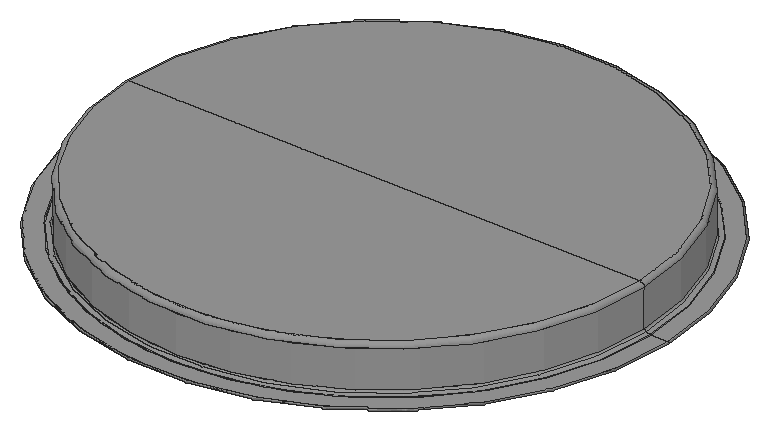
Revit family "MIA13_63_UN_Downlighter_ETK", category Lighting Fixtures, Revit 2017 (continued)
Definition of nested family "MIA.13 - Lightsource"
  Types (8, lengths in mm): name | Wattage | built-in parameter 1150134 | Photometric Web File | built-in parameter 1150142 | built-in parameter 1150105 | Lumens | built-in parameter 1150107 | built-in parameter 1150106
    MIA.1313.25/35 - Ø240 / 18W / 1800lm / 3000K | 12.1178 W | (empty or 0) | "MIA.1313.25_LDT.ies" | "IESNA91\r\n[MANUFAC]  www.etk.nl\r\n[LUMCAT] MIA.1313.25\r\n[LUMINAIRE] MIA.1 LED 18W 3000K ø240 1800Lm alu  Dimbaar DALI\r\n[LAMP] LED\r\n[CHANGED] this file converted to 'ies' from 'ldt' by IES Viewer v2.99n    (C) Andrey Legotin\r\nTILT=NONE\r\n1 1800 1.8 101 36 1 2 0 -0.22 0\r\n1 1 18\r\n0 0.9 1.8 2.7 3.6 4.5 5.4 6.3 7.2 8.1 9 9.9 10.8 11.7 12.6 \r\n13.5 14.4 15.3 16.2 17.1 18 18.9 19.8 20.7 21.6 22.5 23.4 \r\n24.3 25.2 26.1 27 27.9 28.8 29.7 30.6 31.5 32.4 33.3 34.2 \r\n35.1 36 36.9 37.8 38.7 39.6 40.5 41.4 42.3 43.2 44.1 45 \r\n45.9 46.8 47.7 48.6 49.5 50.4 51.3 52.2 53.1 54 54.9 55.8 \r\n56.7 57.6 58.5 59.4 60.3 61.2 62.1 63 63.9 64.8 65.7 66.6 \r\n67.5 68.4 69.3 70.2 71.1 72 72.9 73.8 74.7 75.6 76.5 77.4 \r\n78.3 79.2 80.1 81 81.9 82.8 83.7 84.6 85.5 86.4 87.3 88.2 \r\n89.1 90 \r\n0 10 20 30 40 50 60 70 80 90 100 110 120 130 140 150 160 \r\n170 180 190 200 210 220 230 240 250 260 270 280 290 300 310 \r\n320 330 340 350 \r\n345.652 343.7612 343.769 344.0738 344.5113 345.0035 \r\n345.0035 344.3316 343.4409 342.183 340.386 338.5968 336.956 \r\n335.3543 334.073 333.2682 332.7135 331.8306 330.2992 \r\n328.7132 326.7287 324.3535 321.9236 318.9312 315.7669 \r\n313.087 311.0712 309.3835 307.6178 305.6333 303.6565 \r\n300.7813 297.492 294.0386 290.1711 286.1239 282.4674 \r\n279.4203 276.5997 273.7636 270.8884 268.0131 264.4113 \r\n260.5594 256.4575 251.8869 247.0271 242.3939 238.2295 \r\n234.1667 230.268 226.6427 223.0252 218.9312 214.6808 \r\n210.3133 205.7661 201.0938 196.2419 190.7571 185.2723 \r\n180.2953 175.7325 171.2243 166.8802 162.6143 158.0123 \r\n152.7932 147.2146 141.5501 135.5497 129.5414 123.8222 \r\n118.2436 112.8369 107.9069 103.3049 98.4374 92.976 87.2803 \r\n81.5689 75.8184 70.0602 64.841 59.8719 54.8949 49.7461 \r\n44.4566 39.1906 34.0417 28.9085 23.7675 18.6343 13.5011 \r\n9.7117 6.6568 3.6487 0.6407 0 0 0 \r\n345.652 344.4644 343.394 342.808 342.9018 343.269 343.4331 \r\n343.3315 343.0815 342.3236 341.0266 339.7062 337.4951 \r\n335.1746 333.2526 331.7837 330.5414 329.4867 328.7444 \r\n327.9084 326.3458 324.2675 322.0486 319.1343 316.0169 \r\n312.9541 309.9461 307.0552 304.6097 303.0002 301.3907 \r\n298.914 296.1872 293.2338 289.8195 286.1942 283.0143 \r\n280.4516 278.0373 275.6231 273.2088 268.3178 263.1299 \r\n258.4343 254.5199 250.9259 247.0193 242.6205 238.0342 \r\n233.4479 228.9007 224.3535 220.025 215.8919 211.7978 \r\n207.5475 203.1956 198.8046 194.3355 189.8039 185.1473 \r\n179.5453 173.9511 168.6225 163.4893 158.4499 153.5198 \r\n148.6991 143.8862 139.0812 134.2839 129.1898 123.369 \r\n117.4623 111.6259 105.852 100.2266 95.0152 90.2492 85.4051 \r\n79.9437 74.373 68.8413 63.3487 57.8717 52.8244 48.1366 \r\n43.3628 38.2999 32.9479 27.5959 22.4627 17.3217 12.8916 \r\n9.1413 5.7583 3.7034 3.1721 2.6486 2.1252 1.5939 \r\n345.652 345.8395 345.9723 345.9958 345.2692 344.191 \r\n342.9409 341.4173 339.8 338.5264 338.3077 338.0967 337.6201 \r\n337.0341 336.2372 334.8621 333.0963 331.0727 328.4632 \r\n325.7051 323.2206 321.361 319.5093 317.9702 316.5638 \r\n314.9699 312.9073 310.493 307.9381 304.8676 301.7423 \r\n298.328 294.6246 290.8821 288.1084 285.8348 283.4675 \r\n280.9048 278.178 275.2559 271.2009 267.1537 262.7549 \r\n258.0983 253.4651 249.371 245.6754 242.0658 238.6749 235.37 \r\n231.8775 227.4865 223.0877 218.3139 213.3135 208.3288 \r\n203.5784 199.0624 194.5777 190.1867 185.8192 181.2954 \r\n176.4825 171.6384 166.3646 160.8094 155.3246 150.1133 \r\n145.1598 140.175 134.8777 129.557 124.2519 118.9702 \r\n113.6886 108.5554 103.5472 98.3671 92.7651 86.8193 80.9126 \r\n75.6465 70.3805 65.3645 60.5907 55.8403 50.793 45.4332 \r\n40.0891 34.823 29.5961 24.4316 19.525 14.6418 10.5946 \r\n7.2193 4.0706 0.9141 0 0 0 \r\n345.652 344.4488 344.6754 345.0738 344.9957 344.48 343.6909 \r\n342.4408 340.5422 338.7061 337.417 336.3622 335.4793 \r\n335.0496 334.7449 333.8855 332.4713 330.7915 328.6663 \r\n325.9395 323.2049 320.7751 318.3842 316.306 314.6886 \r\n313.2667 311.454 309.1413 306.6802 303.7737 300.3985 \r\n297.0232 293.5151 289.9914 286.7724 283.9362 281.2642 \r\n278.4514 275.42 272.3494 269.0523 265.5911 261.9502 \r\n257.3639 252.5041 248.0428 244.0503 240.2922 236.7138 \r\n233.4948 230.268 226.088 221.6111 216.8998 211.6962 \r\n206.2817 201.2735 196.8435 192.5463 188.2491 183.9519 \r\n179.6468 174.7246 169.6383 164.38 158.8562 153.1995 147.785 \r\n142.8783 137.9952 133.0885 128.135 123.1815 117.9389 \r\n112.6182 107.3521 102.172 97.0154 91.6712 85.8348 80.0063 \r\n74.5293 69.2476 64.0128 58.8874 53.8089 48.8866 44.1831 \r\n39.55 34.7136 29.3617 24.0097 19.1343 14.4621 10.3211 \r\n7.4068 5.266 3.6722 3.219 3.0002 2.7893 \r\n345.652 343.8941 342.7377 342.0111 341.9564 342.1674 \r\n342.3236 342.3939 342.3392 341.7689 340.5344 339.2921 \r\n337.1357 334.823 332.8385 331.2915 329.9789 328.8069 \r\n327.9084 326.963 325.6114 323.9081 322.072 319.1577 \r\n315.9387 312.8526 309.9305 307.1412 304.7269 303.1487 \r\n301.5704 299.0937 296.2731 293.2651 289.8039 286.1317 \r\n282.4674 278.7874 275.1543 271.7712 268.8726 265.9739 \r\n262.5908 259.0593 255.2856 251.0821 246.6286 242.2142 \r\n237.878 233.5573 229.3617 225.3379 221.3142 217.3217 \r\n213.3292 209.2117 204.891 200.4219 195.7028 190.1633 \r\n184.6316 179.3734 174.3027 169.3648 165.1457 161.2782 \r\n157.0045 152.0431 146.7146 141.3079 135.6747 130.0492 \r\n124.4082 118.7749 113.3292 108.485 104.0472 99.3437 94.0542 \r\n88.5772 83.1393 77.7873 72.4353 67.3178 62.333 57.3404 \r\n52.2853 47.1677 42.097 37.1904 32.2994 27.674 23.3378 \r\n19.0327 14.7746 10.5399 6.3052 2.0705 0 0 0 \r\n345.652 345.6051 344.4175 343.0893 342.0423 341.222 \r\n340.5813 340.2766 340.4016 340.4407 339.7922 338.9249 \r\n337.792 336.1356 334.3464 332.2447 329.8695 327.6037 \r\n325.8301 324.6504 323.4784 322.1345 320.7751 318.9468 \r\n316.5169 313.8605 310.7821 307.1959 303.7034 300.6329 \r\n297.9373 295.2965 293.2651 291.3196 288.8351 285.7958 \r\n282.4518 278.7483 274.4824 270.2711 266.4739 262.919 \r\n259.4031 256.0513 252.7385 249.2382 245.527 241.722 237.792 \r\n233.6433 229.4945 224.5097 219.3374 214.3839 209.907 \r\n205.6411 201.3126 196.906 192.4916 188.1006 183.7409 \r\n179.3734 173.9277 168.2788 162.7471 157.3795 152.0978 \r\n147.1677 142.9252 138.6358 133.8933 128.7288 123.5331 \r\n118.0717 112.5322 107.2115 102.172 97.242 92.2181 86.9599 \r\n81.7017 76.3966 71.0759 65.7864 60.5829 55.434 50.5586 \r\n46.1052 41.7689 37.2607 32.3697 27.4787 22.7518 18.0717 \r\n13.837 10.4618 7.61 5.3598 4.3597 3.555 2.7502 \r\n345.652 344.0894 344.4097 344.9098 344.7613 344.3003 \r\n343.5268 342.2455 340.6672 339.0968 337.5654 336.0263 \r\n335.2606 334.9168 334.5418 333.6667 332.4635 331.0102 \r\n329.0257 326.8302 324.5019 321.7751 319.0562 316.8216 \r\n314.8215 312.8916 311.0009 309.1492 307.0865 304.305 \r\n301.4142 298.3671 295.1168 291.8353 288.3897 284.8504 \r\n281.4829 278.4593 275.7169 272.9432 269.9117 266.8802 \r\n263.2471 259.1218 254.8402 250.3242 245.6208 241.1829 \r\n237.3935 233.987 230.518 226.713 222.908 218.7124 214.2433 \r\n209.5867 204.5082 199.0312 193.7183 188.9757 184.4285 \r\n179.9281 175.5293 171.1306 166.3333 161.2548 156.1919 \r\n151.3087 146.613 141.8001 136.0341 130.1274 124.5332 \r\n119.3453 114.2746 109.1804 104.0628 99.0155 94.1402 89.4289 \r\n84.7019 79.3499 73.998 68.7163 63.5128 58.3874 53.6683 \r\n49.4179 45.1051 40.5657 35.8778 31.1977 26.4943 21.7908 \r\n17.6264 13.9386 10.4149 6.8834 3.3596 0 0 \r\n345.652 344.6519 344.7613 345.0113 344.5504 343.6987 \r\n342.6127 341.0891 339.2453 337.5576 336.8466 336.1434 \r\n335.5731 335.1121 334.6043 333.487 331.9087 330.0805 \r\n327.674 324.9473 322.283 319.9625 317.642 315.7747 314.212 \r\n312.626 310.7118 308.485 306.0708 302.9924 299.7109 \r\n296.3669 292.8823 289.3898 286.2255 283.2721 280.3813 \r\n277.5217 274.6933 271.8181 268.5288 265.1926 261.3642 \r\n256.9419 252.3635 247.8866 243.4878 239.3234 235.7606 \r\n232.6901 229.5648 225.2051 220.8454 216.1184 211.0634 \r\n205.8911 200.9063 196.1638 191.4837 186.8818 182.3971 \r\n177.9123 173.1698 168.3882 163.6222 158.903 154.1917 \r\n149.1523 143.4643 137.7998 132.3619 127.1349 121.9314 \r\n116.9857 112.1025 107.2896 102.5783 97.8592 92.851 87.1865 \r\n81.522 76.0841 70.7321 65.7864 62.2158 59.2703 56.3247 \r\n52.5432 46.8943 40.6672 34.5261 29.8539 25.1895 21.0016 \r\n17.2435 13.6573 10.3211 7.2584 4.1956 1.1329 0 \r\n345.652 343.0268 342.2142 341.7845 341.9798 342.4799 \r\n342.683 342.4564 341.9877 341.2063 339.6672 338.128 \r\n336.0653 333.8151 331.8462 330.5883 329.7836 328.9241 \r\n327.9319 326.8693 325.4082 323.2049 321.0095 318.1264 \r\n315.0012 312.04 309.4304 307.0474 304.7504 302.7502 \r\n300.7579 298.3514 295.609 292.8041 289.6789 286.3974 \r\n282.8737 278.9124 274.7402 270.7712 267.6459 264.5207 \r\n261.2392 257.8717 254.4418 250.8243 247.0818 243.0737 \r\n238.4796 233.6823 229.0023 224.7676 220.5329 216.7122 \r\n213.1026 209.3054 204.9301 200.0781 195.1559 190.007 \r\n184.8191 179.7953 175.0059 170.2399 165.4582 160.661 \r\n155.8403 150.9493 146.0036 140.9798 135.2606 129.5414 \r\n124.2128 119.2359 114.3292 109.2507 104.0316 98.8437 \r\n93.7261 88.6397 83.444 77.4748 71.4978 65.5207 60.7938 \r\n56.7701 52.8244 48.8632 44.8863 40.886 36.8232 32.5572 \r\n28.2913 24.1191 19.9937 16.0091 12.376 9.0398 5.6958 2.3517 \r\n0 \r\n345.652 347.9803 348.6757 349.1679 349.1523 348.6835 \r\n347.9412 346.7224 344.8629 343.0971 342.058 341.261 \r\n340.5891 340.1985 339.8937 339.0968 337.8311 336.3466 \r\n334.4636 332.0806 329.6976 327.0802 324.4472 322.2596 \r\n320.7047 319.4 317.7045 315.4934 313.1963 310.6415 307.8287 \r\n304.9535 301.1407 297.2185 293.7573 290.8274 288.1475 \r\n285.5457 283.069 280.4985 277.1779 273.4042 269.4976 \r\n264.9895 260.3172 256.0747 252.3088 248.7304 245.1598 \r\n241.6361 238.1124 233.8776 229.4789 224.8848 219.9156 \r\n214.7824 209.8289 205.141 200.5313 196.0466 191.7494 \r\n187.4443 182.694 177.8498 173.0213 168.2085 163.4112 \r\n158.3014 152.5588 146.8474 141.4876 136.4872 131.5103 \r\n126.9396 122.4861 117.6811 112.415 106.899 101.336 95.6403 \r\n89.9523 84.6394 79.4906 74.4902 69.9664 65.6614 61.1532 \r\n56.3169 51.379 46.4724 41.6439 36.8154 32.7291 28.8773 \r\n25.0332 21.0954 17.1029 13.1182 9.1257 5.1332 1.1407 \r\n345.652 347.1756 346.3396 345.6598 345.5192 345.5817 \r\n345.6911 345.863 345.9411 345.6208 344.5582 343.4956 \r\n342.0111 340.2297 338.378 336.5185 334.6668 332.9323 \r\n331.565 330.5727 329.5882 328.01 326.4005 324.2988 321.6267 \r\n318.7358 315.6418 312.2978 309.1492 306.7271 304.9066 \r\n303.0237 300.6876 298.2889 295.4293 292.0931 288.5069 \r\n284.6238 280.2953 276.0528 272.4979 269.2788 266.0833 \r\n262.9346 259.8094 256.3013 252.3947 248.3553 244.2535 \r\n240.0422 235.8387 230.9555 225.9552 221.2204 216.9466 \r\n212.8604 208.8679 204.9848 201.0079 196.5544 191.5384 \r\n186.5146 180.9594 175.3262 169.8492 164.591 159.4578 \r\n154.6449 150.4414 146.1599 141.3392 136.0497 130.7133 \r\n125.0879 119.3843 113.9386 108.8366 103.8831 98.9062 93.898 \r\n88.8819 83.7253 78.5139 73.4354 68.7866 64.3332 59.6453 \r\n54.6136 49.5195 44.6207 40.1047 35.5887 31.1665 26.7755 \r\n22.5955 18.8296 15.3059 11.8369 8.4772 5.141 1.797 \r\n345.652 346.3005 347.2224 348.1053 348.285 348.1288 347.66 \r\n346.6521 345.3473 343.9409 342.1752 340.4094 339.5031 \r\n339.0343 338.6046 337.9639 337.1904 336.0809 334.2292 \r\n332.1197 329.7914 326.8849 323.9784 321.5876 319.439 \r\n317.4857 315.8762 314.5246 312.9073 310.3524 307.6568 \r\n304.516 300.836 297.0935 293.6323 290.3117 287.1709 \r\n284.3503 281.772 279.0843 275.7481 272.4041 268.8882 \r\n265.2395 261.4814 257.1451 252.3791 247.8162 243.73 \r\n239.8859 236.0341 232.0728 228.1116 224.1347 220.1422 \r\n215.97 211.2118 205.9067 200.6407 195.5387 190.4993 \r\n185.8192 181.8658 177.9983 173.4432 168.4507 163.3018 \r\n157.9577 152.4338 146.9646 141.933 136.956 131.9009 \r\n126.7521 121.5876 116.4622 111.3681 106.2114 100.8751 \r\n95.4059 89.9602 85.1004 80.2485 75.2715 70.2008 65.1223 \r\n60.1844 55.395 50.6836 46.2536 41.9798 37.6201 32.9323 \r\n28.1975 23.6581 19.2828 14.9465 10.618 6.2896 1.9533 0 \r\n345.652 345.4332 345.3004 345.1754 345.3785 345.8083 \r\n346.1599 346.0974 345.5817 344.941 343.3784 341.6126 \r\n339.7609 337.7608 335.7294 334.4714 333.9011 333.2839 \r\n332.3072 330.9868 329.6586 327.3381 325.002 322.408 \r\n319.5406 316.5872 313.962 311.7275 309.5164 307.4146 \r\n305.4067 303.3206 300.6954 297.9998 294.7183 290.8821 \r\n286.8583 282.9752 279.2953 275.67 272.5135 269.5757 \r\n266.5833 263.4346 260.2469 256.4966 252.1681 247.6365 \r\n242.9174 237.9405 232.9557 229.2914 225.8301 222.1892 \r\n218.1967 214.0714 209.5867 204.641 199.6718 194.7808 \r\n189.9836 185.1863 180.1703 175.1152 170.1617 165.3332 \r\n160.5594 155.6372 150.4493 145.277 140.2297 135.284 \r\n130.2524 124.7051 119.0093 113.5479 108.3522 103.3206 \r\n98.4686 93.9917 89.507 84.2253 78.6546 73.1151 67.724 \r\n62.4033 57.4264 52.9416 48.5507 44.0347 39.2687 34.5027 \r\n29.6429 24.7597 20.0797 15.7747 11.6728 8.2272 6.1099 \r\n4.1097 2.1017 \r\n345.652 347.8631 348.0272 347.9334 347.1365 345.9333 \r\n344.6754 343.4956 342.5424 341.9252 341.3079 341.011 \r\n340.8157 340.3703 339.2921 337.9327 336.2685 334.1667 \r\n331.9478 329.6117 327.0959 324.58 323.0643 321.7908 \r\n320.4157 318.814 317.0795 314.9387 311.9775 308.946 \r\n305.6645 302.0939 298.5311 295.6793 293.0541 290.4446 \r\n287.8428 285.2567 282.4596 278.9359 275.2559 271.4821 \r\n267.5678 263.6378 259.489 255.2231 251.0977 247.3084 \r\n243.8159 240.3078 236.706 233.0963 228.9945 224.4238 \r\n219.7203 214.673 209.3445 204.2738 199.8047 195.734 \r\n191.6243 187.2021 182.7721 177.967 172.8729 167.6459 \r\n162.1767 156.481 150.9337 145.9567 141.222 136.4325 \r\n131.4868 126.5255 121.3298 115.9544 110.6258 105.5082 \r\n100.6407 95.695 90.0852 84.366 78.8265 73.5448 68.3413 \r\n63.2159 58.1686 53.2073 48.4647 43.9331 39.4093 34.3933 \r\n29.3851 24.5332 19.8531 15.2903 11.3915 8.2663 5.141 2.0158 \r\n0 \r\n345.652 345.863 346.4568 347.0974 347.199 346.8005 346.1286 \r\n345.0895 343.5425 342.0111 340.5813 339.1827 338.0655 \r\n337.5811 337.2763 336.5263 335.3387 333.9558 332.276 \r\n330.2055 328.135 325.3145 322.4158 319.8531 317.8608 \r\n316.095 314.3917 312.751 310.9852 308.6569 305.7192 \r\n302.7737 299.0624 295.2574 291.7025 288.46 285.3817 \r\n282.4596 279.8344 277.1467 274.0058 270.5368 266.9662 \r\n262.8018 258.4733 254.1761 249.918 245.7145 241.6283 \r\n237.792 233.9558 230.0492 226.127 222.1502 218.0561 \r\n213.9151 209.321 204.0941 198.7421 193.5307 188.5616 \r\n183.5925 179.4281 175.4668 171.2087 166.388 161.2548 \r\n155.9966 150.4961 144.9723 139.3625 133.6667 127.9709 \r\n123.1424 118.5483 113.7511 108.6335 103.3362 97.953 92.3197 \r\n86.6865 81.4282 76.3732 71.3103 66.1145 60.8563 55.6762 \r\n50.6055 45.6208 40.7766 36.2919 31.815 26.9787 22.0017 \r\n17.1732 12.8369 8.8132 5.6489 4.3128 3.4143 2.5158 \r\n345.652 344.7066 345.2926 345.9489 346.2614 346.4177 \r\n346.1911 345.4098 344.3785 343.0034 340.9251 338.8546 \r\n337.7764 336.9873 336.3075 335.7215 335.1981 334.323 \r\n332.7057 330.9477 328.6976 325.7598 322.8221 320.4313 \r\n318.2124 316.1888 314.4855 312.9698 311.204 308.696 \r\n306.1958 303.0627 299.539 295.9762 292.4525 288.9601 \r\n285.7176 282.8893 280.2563 277.5061 274.4121 271.3181 \r\n267.8412 264.1769 260.3016 255.895 251.129 246.5974 \r\n242.5736 238.7061 234.9793 231.5962 228.2053 224.0878 \r\n219.6578 214.9934 209.9695 204.6722 199.414 194.2964 \r\n189.1867 184.6863 180.8188 177.0295 172.4119 167.3725 \r\n162.1767 156.6841 150.9962 145.4098 140.4328 135.4481 \r\n130.3461 125.1582 119.9312 114.6027 109.1882 103.8753 \r\n98.7968 93.8198 88.6944 82.9362 77.1701 71.6228 66.2083 \r\n60.9657 56.1528 51.7306 47.1521 42.0267 36.7607 31.565 \r\n26.4943 21.4392 16.6966 12.1494 7.6334 3.1174 0 0 0 \r\n345.652 347.6443 347.3162 346.699 345.8786 344.6363 \r\n343.1284 341.9252 341.347 340.8938 340.5266 340.3078 \r\n340.0969 339.2453 338.1905 336.9169 335.3153 333.5026 \r\n331.6822 329.8539 327.9006 325.5879 323.2753 321.4314 \r\n319.814 318.0483 315.845 313.2667 310.5868 307.5006 304.18 \r\n300.8673 297.7342 294.6324 291.8197 289.421 287.2412 \r\n284.6472 281.2017 277.6701 273.6464 269.0991 264.5988 \r\n260.7782 257.1607 253.6683 250.3555 247.1052 243.5815 \r\n239.4015 235.2293 230.9555 226.6349 222.197 217.306 \r\n212.1963 207.3521 202.8987 198.578 194.1792 189.5695 \r\n184.9598 180.3
